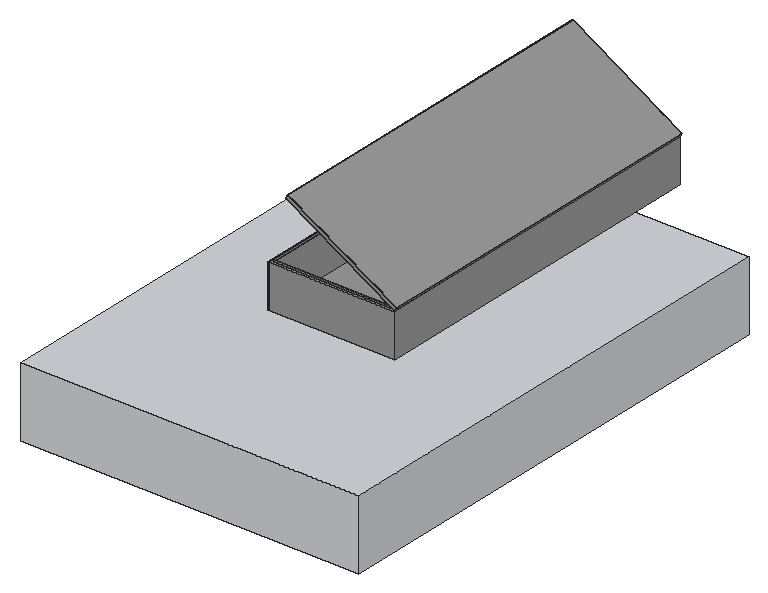
Revit family "Hager-Univers-IP54-D205-H1550-Cl.I-Encl-CH-it", category Equipement électrique, Revit 2020
Family settings
  Hôte = Face
  Configuration du panneau = Deux colonnes, circuits au sein
  Cote de connecteur circulaire = Utiliser le diamètre
  Type d'élément = Tableau de raccordement
  Couper avec des vides une fois chargée = Non
  Partagée = Non
  Point de calcul de pièce = Non
Parameters (values of type "A parete IP54 L550 A1550 P205  - FP02TW2")
  Width Control [instance] = if([EF000008 - Larghezza] > Min Width, [EF000008 - Larghezza], Min Width)  # 550 mm
  Commentaires du type = [HG000003 - Gamma]  # "Univers"
  Thickness Door [instance] = if([EF009171 - spessore materiale porta/coperchio] > 3 mm, 3 mm, [EF009171 - spessore materiale porta/coperchio])  # 1 mm
  Seal Frame Offset [instance] = 17 mm  # constant formula
  Plinth Visibility [instance] = [HG000027 - Altezza dello zoccolo] > 0 mm  # no
  Model = ""
  Min Width [instance] = 100 mm  # constant formula
  Min Height [instance] = 100 mm  # constant formula
  Min Depth [instance] = (2 * [EF009170 - spessore materiale scatola]) + 1 mm  # 3 mm
  Internal Frame Depth [instance] = (Door System Depth * 0.5)  # 9 mm
  Height Control [instance] = if([EF000040 - Altezza] > Min Height, [EF000040 - Altezza], Min Height)  # 1550 mm
  HG000027 - Altezza dello zoccolo = 0 mm
  HG000026 - A pavimento = no
  HG000024 - Altezza della sezione inferiore = 800 mm
  HG000023 - Custodia a doppia sezione = no
  HG000016 - Visibilità delle porte nella vista 3D [instance] = yes
  HG000015 - Visibilità attraverso la porta [instance] = no
  HG000014 - Porta destra [instance] = yes
  HG000013 - Porta sinistra [instance] = not([HG000014 - Porta destra])  # no
  HG000012 - Angolo di apertura della porta [instance] = 30.00°
  HG000010 - Porte asimmetriche = no
  HG000009 - Porta doppia a battente = no
  HG000006 - Ad incasso = no
  HG000004 - Codice produttore = "FP02TW2"
  HG000003 - Gamma = "Univers"
  HG000002 - Con porta = yes
  Frame Offset Bottom [instance] = 10 mm  # constant formula
  Frame Offset [instance] = 15 mm  # constant formula
  EF015940 - Coprire con rilascio di sovrapressione = no
  EF011959 - tipo di protezione (NEMA) = ""
  EF009554 - numero delle aperture per la piastra della flangia = 4
  Fabricant = "Hager"  # constant formula
  EF009212 - esecuzione coperchio = "EV000116 - chiuso"
  EF009171 - spessore materiale porta/coperchio = 1 mm
  EF009170 - spessore materiale scatola = 1 mm
  EF008873 - corrente nominale (In) = 250 A
  EF007800 - adatto per parafulmine = no
  EF006306 - con serratura = no
  EF006244 - coperchio/porta trasparente = no
  EF005474 - grado di protezione (IP) = "EV006419 - IP54"
  EF004464 - tipo di porta = "EV002646 - singolo"
  EF004427 - numero di moduli = 240
  EF004293 - resistenza agli urti = "EV006815 - IK09"
  EF003532 - adatto per uso esterno = no
  EF002950 - Numero moduli DIN = 24
  EF001613 - Integrità del circuito = "EV000494 - senza"
  EF001596 - Attacco Lampada = "EV000179 - acciaio"
  EF001131 - profondità interna = 205 mm
  EF001088 - possibilità di applicazione = yes
  EF000437 - numero di ingressi per conduttori = 4
  EF000339 - tipo di copertura = "EV001012 - coperchio"
  EF000266 - numero di file = 10
  EF000218 - profondità di incasso = 205 mm
  EF000118 - con piastra di montaggio = no
  EF000116 - numero RAL = "9010"
  EF000049 - profondità = 205 mm
  EF000040 - Altezza = 1550 mm
  EF000008 - Larghezza = 550 mm
  EF000007 - colore = "EV000202 - bianco"
  EF000003 - Tipo di montaggio = "EV000384 - A parete"
  Door System Leaf Tolerance [instance] = 1.5 mm  # constant formula
  Door System Depth [instance] = 18 mm  # constant formula
  Door Height [instance] = Height Control - [HG000027 - Altezza dello zoccolo]  # 1550 mm
  Depth Control [instance] = if([EF000049 - profondità] > Min Depth, [EF000049 - profondità], Min Depth)  # 205 mm
  Default Elevation = 0 mm
  Connector Offset [instance] = Height Control / 2  # 775 mm
  Bottom Top Plate Trim [instance] = 1.5 mm  # constant formula
  Plinth height Ctrl [instance] = if([HG000027 - Altezza dello zoccolo] > 0 mm, [HG000027 - Altezza dello zoccolo], 12 mm)  # 12 mm
Types (2, lengths in mm): name | Width Control | HG000004 - Codice produttore | EF009554 - numero delle aperture per la piastra della flangia | EF004427 - numero di moduli | EF002950 - Numero moduli DIN | EF000437 - numero di ingressi per conduttori | EF000008 - Larghezza
  A parete IP54 L300 A1550 P205  - FP01TW2 | 300 | "FP01TW2" | 2 | 120 | 12 | 2 | 300
  A parete IP54 L550 A1550 P205  - FP02TW2 | 550 | "FP02TW2" | 4 | 240 | 24 | 4 | 550
Reference planes
  plane 1 "Center (Front/Back)": y = 0
  plane 2: z = 0
  plane 3 "Center (Left/Right)": x = 0
  plane 4: z = 205
  plane 5: y = 1
  plane 6: y = 775
  plane 7: y = 0
  plane 8: y = 1550
  plane 9: z = 0
  plane 10: x = -260
  plane 11: x = 260
  plane 12: x = 259
  plane 13: x = -259
  plane 14: y = 1549
  plane 15: x = -258
  plane 16: x = -275
  plane 17: x = 258
  plane 18: x = 275
  plane 19: x = 274
  plane 20: x = -274
  plane 21: y = 11
  plane 22: y = 1550
  plane 23: y = 1534
  plane 24: z = 187
  plane 25: z = 1
  plane 26: z = 186
  plane 27: z = 204
Forms (mm)
  Extrusion 1, solid
    sketch origin (0, 0, 0) x (1, 0, 0) y (0, 1, 0)
      loop
        line (-702.964, 1305) -> (-702.964, -811.445) -> (766.763, -811.445) -> (766.763, 1305) -> (-702.964, 1305)
    from 0 to -304.8
  Extrusion 2, solid, material "Hager_Steel_RAL7035_Light_Grey", visible <- "Plinth Visibility", detail levels medium+fine
    sketch origin (0, 0, 0) x (1, 0, 0) y (0, 1, 0)
      loop
        line (-275, 0) -> (275, 0) -> (275, 12) -> (-275, 12) -> (-275, 0)
    from 0 to 187
  Extrusion 3, solid, material "Hager_Steel_RAL7035_Light_Grey", detail levels medium+fine
    sketch origin (0, 0, 0) x (1, 0, 0) y (0, 1, 0)
      loop
        line (-275, 0) -> (275, 0) -> (275, 1550) -> (-275, 1550) -> (-275, 0)
    from 0 to 187
  Extrusion 4, void
    sketch origin (0, 0, 0) x (1, 0, 0) y (0, 1, 0)
      loop
        line (-274, 1) -> (274, 1) -> (274, 1549) -> (-274, 1549) -> (-274, 1)
    from 1 to 186
  Extrusion 5, void
    sketch origin (-381.607, -4572, 187) x (0, -1, 0) y (-1, 0, 0)
      loop
        line (-4583, -122.607) -> (-6106, -122.607) -> (-6106, -640.607) -> (-4583, -640.607) -> (-4583, -122.607)
    from 0 to 1 <- "EF009170 - spessore materiale scatola"
  Extrusion 6, solid, material "Hager_Steel_RAL7035_Light_Grey", detail levels fine
    sketch origin (0, 0, 187) x (1, 0, 0) y (0, 1, 0)
      loop
        line (-259, 1534) -> (-259, 11) -> (259, 11) -> (259, 1534) -> (-259, 1534)
      loop
        line (-260, 10) -> (260, 10) -> (260, 1535) -> (-260, 1535) -> (-260, 10)
    from 0 to 9 <- "Internal Frame Depth"
  Extrusion 7, solid, material "Hager_Steel_RAL7035_Light_Grey", detail levels coarse
    sketch origin (0, 0, 0) x (1, 0, 0) y (0, 1, 0)
      loop
        line (-275, 0) -> (275, 0) -> (275, 1550) -> (-275, 1550) -> (-275, 0)
    from 0 to 205
  Sweep 8, void
    path in 3D
      loop
        line (-275, 12, 0) -> (275, 12, 0) -> (275, 12, 187) -> (-275, 12, 187) -> (-275, 12, 0)
    profile origin (-275, 12, 93.5) x (-1, 0, 0) y (0, -1, 0)
      loop
        line (0, 0) -> (0, 1.5) -> (-1.5, 1.5)
        arc (-1.5, 1.5) -> (-1.061, 0.439) -> (0, 0) r 1.5
Cuts and joins
  Extrusion 4, Extrusion 5 cuts Extrusion 3
  Sweep 8 cuts Extrusion 2
Lines and regions (mm)
  Masking region 1
    outline origin (0, 0, 0) x (1, 0, 0) y (0, 0, 1)
      loop
        line (-275, 205) -> (-275, 0) -> (275, 0) -> (275, 205) -> (-275, 205)
  Masking region 2, detail levels medium+fine
    outline origin (0, 140, 0) x (0, 1, 0) y (0, 0, 1)
      loop
        line (-140, 0) -> (1410, 0) -> (1410, 187) -> (-140, 187) -> (-140, 0)
  Masking region 3, not visible, detail levels medium+fine
    outline origin (0, 297.922, 0) x (0, 1, 0) y (0, 0, 1)
      loop
        line (488.578, 0) -> (528.578, 0) -> (528.578, 194)
        arc (528.578, 194) -> (525.649, 201.071) -> (518.578, 204) r 10
        line (518.578, 204) -> (488.578, 204) -> (488.578, 0)
  Masking region 4, detail levels coarse
    outline origin (0, 0, 180) x (0, 1, 0) y (0, 0, 1)
      loop
        line (0, -180) -> (1550, -180) -> (1550, 25) -> (0, 25) -> (0, -180)
  Masking region 5, visible <- "Plinth Visibility", detail levels medium+fine
    outline origin (0, 52.24, 12.345) x (0, 0, -1) y (0, 1, 0)
      loop
        line (10.845, -40.24) -> (-173.155, -40.24)
        arc (-173.155, -40.24) -> (-173.594, -41.301) -> (-174.655, -41.74) r 1.5
        line (-174.655, -41.74) -> (-174.655, -52.24) -> (12.345, -52.24) -> (12.345, -41.74)
        arc (12.345, -41.74) -> (11.285, -41.301) -> (10.845, -40.24) r 1.5
  Masking region 6, detail levels medium+fine
    outline origin (-381.607, -4572, 187) x (-1, 0, 0) y (0, -1, 0)
      loop
        line (-106.607, -6122) -> (-106.607, -4572) -> (-656.607, -4572) -> (-656.607, -6122) -> (-106.607, -6122)
  Masking region 7, visible <- "Plinth Visibility", detail levels medium+fine
    outline origin (-381.607, -4727, 187) x (-1, 0, 0) y (0, -1, 0)
      loop
        arc (-108.107, -4739) -> (-107.668, -4737.939) -> (-106.607, -4737.5) r 1.5
        line (-106.607, -4737.5) -> (-106.607, -4727) -> (-656.607, -4727) -> (-656.607, -4737.5)
        arc (-656.607, -4737.5) -> (-655.546, -4737.939) -> (-655.107, -4739) r 1.5
        line (-655.107, -4739) -> (-108.107, -4739)
  Masking region 8, detail levels coarse
    outline origin (-442.548, -4669.526, 187) x (-1, 0, 0) y (0, -1, 0)
      loop
        line (-167.548, -6219.526) -> (-167.548, -4669.526) -> (-717.548, -4669.526) -> (-717.548, -6219.526) -> (-167.548, -6219.526)
  sketch lines
    curve 1: line (-275, 12, 187) -> (-275, 12, 0)
    curve 2: line (275, 12, 187) -> (-275, 12, 187)
    curve 3: line (275, 12, 187) -> (275, 12, 0)
    curve 4: line (-275, 12, 0) -> (275, 12, 0)
Dimensions and locks
  "Depth Control": plane 4 to Extrusion 1
  "HG000027 - Altezza dello zoccolo": plane 1 "Center (Front/Back)" to plane 7
  "EF009170 - spessore materiale scatola": plane 5 to plane 7
  locked: connector elem to plane 3 "Center (Left/Right)"
  equal spacing: plane 8, plane 6, plane 7
  locked: connector elem to plane 6
  "EF009170 - spessore materiale scatola": plane 8 to plane 14
  "EF009170 - spessore materiale scatola": plane 10 to plane 13
  "EF009170 - spessore materiale scatola": plane 12 to plane 11
  "Frame Offset": plane 20 to plane 13
  "Frame Offset": plane 12 to plane 19
  "EF009170 - spessore materiale scatola": plane 16 to plane 20
  "EF009170 - spessore materiale scatola": plane 19 to plane 18
  "Seal Frame Offset": plane 16 to plane 15
  "Seal Frame Offset": plane 17 to plane 18
  "Frame Offset Bottom": plane 21 to plane 5
  "Frame Offset": plane 14 to plane 23
  equal spacing: plane 16, plane 3 "Center (Left/Right)", plane 18
  "Width Control": plane 16 to plane 18
  "EF009170 - spessore materiale scatola": plane 4 to plane 27
  "EF009170 - spessore materiale scatola": plane 24 to plane 26
  "EF009170 - spessore materiale scatola": plane 25 to level
  "Door System Depth": plane 4 to plane 24
  "Height Control": plane 1 "Center (Front/Back)" to Extrusion 7 sketch curve
  "Height Control": Masking region 4 sketch curve to plane 1 "Center (Front/Back)"
  "Height Control": plane 1 "Center (Front/Back)" to plane 22
  "Bottom Top Plate Trim": profile plane to Sweep 8 sketch curve
  "Bottom Top Plate Trim": Sweep 8 sketch curve to profile plane
  "Plinth height Ctrl": plane 1 "Center (Front/Back)" to Extrusion 2 sketch curve
  "Plinth height Ctrl": Masking region 5 sketch curve to plane 1 "Center (Front/Back)"
  "Plinth height Ctrl": plane 1 "Center (Front/Back)" to Masking region 7 sketch curve
  "Thickness Door": Extrusion 6 sketch curve to Extrusion 6 sketch curve  (x3)
  "Thickness Door": cut or joined group of Extrusion 3, Extrusion 4, Extrusion 5 to Extrusion 6 sketch curve
  radius of Masking region 3 sketch curve = 10 mm
  "Bottom Top Plate Trim": radius of Masking region 5 sketch curve  (x2)
  "Bottom Top Plate Trim": radius of Sweep 8 sketch curve
  "Bottom Top Plate Trim": radius of Masking region 7 sketch curve  (x2)
  aligned and locked: plane 2 to Extrusion 1
  aligned and locked: level to Extrusion 1
  aligned and locked: level to Masking region 1 sketch curve
  aligned and locked: Masking region 1 sketch curve to plane 18
  aligned and locked: Masking region 1 sketch curve to plane 16
  aligned and locked: plane 7 to Masking region 2 sketch curve
  aligned and locked: level to Masking region 3 sketch curve
  aligned and locked: Masking region 3 sketch curve to plane 27
  aligned and locked: level to Masking region 2 sketch curve
  aligned and locked: plane 1 "Center (Front/Back)" to Extrusion 2 sketch curve
  aligned and locked: Extrusion 3 sketch curve to plane 7
  aligned and locked: plane 16 to Extrusion 3 sketch curve
  aligned and locked: plane 18 to Extrusion 3 sketch curve
  aligned and locked: plane 20 to Extrusion 4 sketch curve
  aligned and locked: plane 19 to Extrusion 4 sketch curve
  aligned and locked: Extrusion 4 sketch curve to plane 5
  aligned and locked: Extrusion 4 to plane 25
  aligned and locked: plane 26 to Extrusion 4
  aligned and locked: plane 24 to Extrusion 3
  aligned and locked: Extrusion 5 sketch curve to plane 21
  aligned and locked: Extrusion 5 sketch curve to plane 13
  aligned and locked: Extrusion 5 sketch curve to plane 12
  aligned and locked: plane 18 to Extrusion 7 sketch curve
  aligned and locked: plane 1 "Center (Front/Back)" to Extrusion 7 sketch curve
  aligned and locked: plane 16 to Extrusion 7 sketch curve
  aligned and locked: plane 4 to Extrusion 7
  aligned and locked: Extrusion 7 to level
  aligned and locked: level to Masking region 4 sketch curve
  aligned and locked: Masking region 4 sketch curve to plane 1 "Center (Front/Back)"
  aligned and locked: Masking region 4 sketch curve to plane 4
  aligned and locked: nested 1 to level
  aligned and locked: nested 1 to plane 16
  aligned and locked: plane 8 to Extrusion 3 sketch curve
  aligned and locked: plane 23 to Extrusion 5 sketch curve
  aligned and locked: plane 14 to Extrusion 4 sketch curve
  aligned and locked: Masking region 2 sketch curve to plane 8
  aligned and locked: level to Masking region 5 sketch curve
  aligned and locked: plane 16 to Extrusion 2 sketch curve
  aligned and locked: plane 18 to Extrusion 2 sketch curve
  aligned and locked: Masking region 5 sketch curve to plane 24
  aligned and locked: Masking region 2 sketch curve to plane 24
  aligned and locked: plane 24 to Extrusion 2
  aligned and locked: profile plane to Sweep 8 sketch curve  (x2)
  aligned and locked: Masking region 6 sketch curve to plane 18
  aligned and locked: Masking region 6 sketch curve to plane 22
  aligned and locked: Masking region 6 sketch curve to plane 16
  aligned and locked: plane 8 to plane 22
  aligned and locked: plane 7 to Masking region 6 sketch curve
  aligned and locked: Masking region 7 sketch curve to plane 16
  aligned and locked: Masking region 7 sketch curve to plane 1 "Center (Front/Back)"
  aligned and locked: Masking region 7 sketch curve to plane 18
  aligned and locked: Masking region 8 sketch curve to plane 1 "Center (Front/Back)"
  aligned and locked: Masking region 8 sketch curve to plane 18
  aligned and locked: Masking region 8 sketch curve to plane 22
  aligned and locked: Masking region 8 sketch curve to plane 16
  aligned and locked: nested 2 to plane 7
  aligned and locked: plane 3 "Center (Left/Right)" to nested 2
  aligned and locked: nested 2 to plane 24
  aligned and locked: Extrusion 6 sketch curve to cut or joined group of Extrusion 3, Extrusion 4, Extrusion 5  (x4)
Automatic sketch dimensions
  Extrusion 1 sketch curve to Extrusion 1 sketch curve = 1469.727 mm
  Extrusion 1 sketch curve to Extrusion 1 sketch curve = 2116.445 mm
  Masking region 1 sketch curve to plane 4 = 0 mm
  plane 6 to Masking region 3 sketch curve = 11.5 mm
  Masking region 3 sketch curve to Masking region 3 sketch curve = 30 mm
  Masking region 5 sketch curve to plane 1 "Center (Front/Back)" = 0 mm
Nested families
  nested 1: "Hager_Enclosure_Symbol" at (-275, 0, 0) x (1, 0, 0) z (0, -1, 0), Height <- "Depth Control", Width <- "Width Control", type "Hager_Enclosure_Symbol"
    with Width_Ctrl 550 mm, Width 550 mm, Height_Ctrl 205 mm, Height 205 mm, A_Width_Int 13.453 mm, A_Width 161.438 mm, A_Height_Ctrl 179.375 mm, A_Height 179.375 mm
  nested 2: "EC000058_Univers_Door" at (0, 0, 187) x (1, 0, 0) z (0, 1, 0), Leaf_Tolerance <- "Door System Leaf Tolerance", Angle <- "HG000012 - Angolo di apertura della porta", Door_Depth <- "Door System Depth", Door_Left <- "HG000013 - Porta sinistra", Transparent <- "EF006244 - coperchio/porta trasparente", Assymetrical <- "HG000010 - Porte asimmetriche", Width <- "Width Control", Clearance <- "HG000015 - Visibilità attraverso la porta", Double <- "HG000009 - Porta doppia a battente", 3d_Door <- "HG000016 - Visibilità delle porte nella vista 3D", Lock_Visibility <- "EF006306 - con serratura", Width_Ctrl <- "Width Control", Door_Right <- "HG000014 - Porta destra", Door <- "HG000002 - Con porta", Height <- "Door Height", Thickness <- "Thickness Door", type "EC000058_Univers_Door", detail levels medium+fine
    with min_wh 3 mm, Width_Ctrl 550 mm, Width 550 mm, Transparent no, Thickness 1 mm, Seal_Material Hager_Rubber, Lock_Visibility no, Lock_Material Hager_Plastic_RAL9005_Jet_Black, Leaf_Width 550 mm, Leaf_Tolerance_External_Sides 0 mm, Leaf_Tolerance 1.5 mm, Leaf_Offset 0 mm, Leaf_Height 1547 mm, Leaf_2_Width 550 mm, Leaf_2_Offset 275 mm, Leaf_1_Width 550 mm, Leaf_1_Offset 275 mm, Height_Ctrl 1550 mm, Height 1550 mm, Glass_Material Hager_Glass, Double_Clearance_Ctrl no, Double no, Door_Right_Ctrl yes, Door_Right yes, Door_Material Hager_Steel_RAL7035_Light_Grey, Door_Left_Ctrl no, Door_Left no, Door_Depth 18 mm, Door yes, Clearance_Material Hager_Clearance, Clearance_Depth 550 mm, Clearance_Ctrl no, Clearance no, Assymetrical no, Angle 30.00°, 3d_Door yes
Connectors
  electrical at (0, 775, 0)
    settings: on plane 9, index 1, voltage 0 V, apparent load 0 VA, apparent load phase1 0 VA, apparent load phase2 0 VA, apparent load phase3 0 VA, power factor 1, load classification "Other", number of poles 1, system type 30, power factor state 1, is connector primary yes, connector utility no, sub classification motor no, connector description ""
Definition of nested family "EC000058_Univers_Door"
  Parameters (values of type "EC000058_Univers_Door")
    min_wh [instance] = (2 * Thickness) + 1 mm  # 11 mm
    Width_Ctrl [instance] = 400 mm
    Width [instance] = 500 mm
    Transparent [instance] = yes
    Thickness [instance] = 5 mm
    Seal_Material [instance] = none
    Lock_Visibility [instance] = yes
    Lock_Material [instance] = none
    Leaf_Width [instance] = if((Width_Ctrl - 2 * Leaf_Tolerance_External_Sides) > 0 mm, (Width_Ctrl - 2 * Leaf_Tolerance_External_Sides), min_wh)  # 400 mm
    Leaf_Tolerance_External_Sides [instance] = 0 mm  # constant formula
    Leaf_Tolerance [instance] = 1.5 mm
    Leaf_Offset [instance] = 0 mm  # constant formula
    Leaf_Height [instance] = if((Height_Ctrl - 2 * Leaf_Tolerance) > 0 mm, (Height_Ctrl - 2 * Leaf_Tolerance), min_wh)  # 497 mm
    Leaf_2_Width [instance] = if(and(and(Double, Assymetrical), Door_Left), (Leaf_Width / 3) - (Leaf_Tolerance / 2), if(and(and(Double, Assymetrical), Door_Right), (Leaf_Width / 3) * 2 - (Leaf_Tolerance / 2), if(and(Double, not(Assymetrical)), (Leaf_Width / 2) - Leaf_Tolerance, Leaf_Width)))  # 400 mm
    Leaf_2_Offset [instance] = if(and(Double, Assymetrical), Leaf_2_Width / 2, if(and(Double, not(Assymetrical)), Leaf_Width / 4, Leaf_Width / 2))  # 200 mm
    Leaf_1_Width [instance] = if(and(and(Double, Assymetrical), Door_Right), (Leaf_Width / 3) - (Leaf_Tolerance / 2), if(and(and(Double, Assymetrical), Door_Left), (Width / 3) * 2 - (Leaf_Tolerance / 2), if(and(Double, not(Assymetrical)), (Leaf_Width / 2) - Leaf_Tolerance, Leaf_Width)))  # 400 mm
    Leaf_1_Offset [instance] = if(and(Double, Assymetrical), Leaf_1_Width / 2, if(and(Double, not(Assymetrical)), Leaf_Width / 4, Leaf_Width / 2))  # 200 mm
    Height_Ctrl [instance] = if(Height > min_wh, Height, min_wh)  # 500 mm
    Height [instance] = 500 mm
    Glass_Material [instance] = none
    Double_Clearance_Ctrl [instance] = and(Double, Clearance)  # no
    Double [instance] = no
    Door_Right_Ctrl [instance] = and(or(Door_Right, Double), Door)  # yes
    Door_Right [instance] = yes
    Door_Material [instance] = none
    Door_Left_Ctrl [instance] = and(or(Door_Left, Double), Door)  # no
    Door_Left [instance] = no
    Door_Depth [instance] = 30 mm
    Door [instance] = yes
    Default Elevation = 1219.2 mm
    Clearance_Material [instance] = none
    Clearance_Depth [instance] = if(Leaf_1_Width > Leaf_2_Width, Leaf_1_Width, Leaf_2_Width)  # 400 mm
    Clearance_Ctrl [instance] = and(not(Double), Clearance)  # yes
    Clearance [instance] = yes
    Assymetrical [instance] = yes
    Angle [instance] = 30.00°
    3d_Door [instance] = yes
  Reference planes
    plane 1 "Center (Front/Back)": y = 0
    plane 2 "Bottom": z = 0
    plane 3 "Center (Left/Right)": x = 0
    plane 4: z = 500
    plane 5: x = -200
    plane 6: x = 200
    plane 7: z = 500
    plane 8: x = -200
    plane 9: z = 0
    plane 10: x = 200
    plane 11: y = 0
    plane 12: z = 1.5
    plane 13: x = -600
    plane 14: y = -400
    plane 15: x = 600
    plane 16: x = 0
    plane 17: x = 0
    plane 18: x = -200
    plane 19: x = 200
    plane 20: z = 498.5
  Forms (mm)
    Extrusion 1, solid, material <- "Clearance_Material", visible <- "Double_Clearance_Ctrl"
      sketch origin (1200, 0, 0) x (1, 0, 0) y (0, 0, -1)
        loop
          line (-1800, -498.5) -> (-600, -498.5) -> (-600, 0) -> (-1800, 0) -> (-1800, -498.5)
      from 0 to -400
  Dimensions and locks
    equal spacing: plane 5, plane 3 "Center (Left/Right)", plane 6
    "Width_Ctrl": plane 5 to plane 6
    "Leaf_Offset": plane 5 to plane 8
    "Leaf_Offset": plane 6 to plane 10
    "Leaf_Offset": plane 9 to level
    "Leaf_Offset": plane 4 to plane 7
    "Height_Ctrl": plane 4 to level
    "Leaf_Tolerance": plane 12 to plane 9
    locked: plane 11 to plane 1 "Center (Front/Back)"
    "Leaf_1_Offset": plane 18 to plane 16
    "Leaf_2_Offset": plane 17 to plane 19
    "Leaf_1_Width": plane 13 to plane 8
    "Leaf_2_Width": plane 10 to plane 15
    "Clearance_Depth": plane 14 to plane 1 "Center (Front/Back)"
    "Leaf_Tolerance_External_Sides": plane 8 to plane 18
    "Leaf_Tolerance_External_Sides": plane 19 to plane 10
    "Leaf_Tolerance": plane 7 to plane 20
    aligned and locked: level to plane 2 "Bottom"
    aligned and locked: nested 1 to plane 16
    aligned and locked: nested 2 to plane 17
    aligned and locked: Extrusion 1 to plane 13
    aligned and locked: plane 15 to Extrusion 1
    aligned and locked: Extrusion 1 to plane 14
    aligned and locked: plane 12 to nested 1
    aligned and locked: nested 2 to plane 12
    aligned and locked: Extrusion 1 to plane 11
    aligned and locked: plane 20 to Extrusion 1
    aligned and locked: nested 2 to plane 11
    aligned and locked: nested 1 to plane 11
  Automatic sketch dimensions
    Extrusion 1 sketch curve to level = 0 mm
    plane 5 to Extrusion 1 sketch curve = 400 mm
    plane 6 to Extrusion 1 sketch curve = 400 mm
    Extrusion 1 sketch curve to plane 4 = 1.5 mm
  Nested families
    nested 1: "EC000058_Univers_Door_Leaf" at (0, 0, 1.5), Width <- "Leaf_1_Width", visible <- "Door_Left_Ctrl", Leaf_Height <- "Leaf_Height", Angle <- "Angle", 3d_Door <- "3d_Door", Transparent <- "Transparent", Clearance Material <- "Clearance_Material", Clearance <- "Clearance_Ctrl", Door_Material <- "Door_Material", Glass_Material <- "Glass_Material", Door_Depth <- "Door_Depth", Lock_Material <- "Lock_Material", Seal_Material <- "Seal_Material", Lock_Visibility <- "Lock_Visibility", Thickness <- "Thickness", type "EC000058_Univers_Door_Leaf"
      with Width 400 mm, Transparent_Glass_Offset 30 mm, Transparent_Ctrl yes, Transparent yes, Thickness 5 mm, Standard no, Seal_Material none, Seal_D2 8 mm, Seal_D1 1 mm, Offset_Internal_Frame 10 mm, Lock_Width 20 mm, Lock_Visibility_3d yes, Lock_Visibility yes, Lock_Thickness_3 3 mm, Lock_Thickness_2 1 mm, Lock_Thickness_1 3 mm, Lock_Radius_Offset_2 16 mm, Lock_Radius_Offset_1 15 mm, Lock_Radius_2 5 mm, Lock_Radius 6 mm, Lock_Offset 5 mm, Lock_Material none, Lock_Height 80 mm, Lock_Cover_Top_Offset_2d 17 mm, Lock_Cover_Height -65 mm, Leaf_Height 497 mm, Internal_Seal_Thickness 8 mm, Internal_Seal_Depth_2 4.5 mm, Internal_Frame_Depth 25 mm, Glass_Thickness -1 mm, Glass_Offset -2 mm, Glass_Material none, Door_Material none, Door_Depth 30 mm, Clearance Material none, Clearance yes, Angle_Ctrl 30.00°, Angle 30.00°, 3d_Door yes
    nested 2: "EC000058_Univers_Door_Leaf" at (0, 0, 1.5) x (-1, 0, 0) z (0, 0, 1), Width <- "Leaf_2_Width", visible <- "Door_Right_Ctrl", Leaf_Height <- "Leaf_Height", Angle <- "Angle", 3d_Door <- "3d_Door", Transparent <- "Transparent", Clearance Material <- "Clearance_Material", Clearance <- "Clearance_Ctrl", Door_Material <- "Door_Material", Glass_Material <- "Glass_Material", Door_Depth <- "Door_Depth", Lock_Material <- "Lock_Material", Seal_Material <- "Seal_Material", Lock_Visibility <- "Lock_Visibility", Thickness <- "Thickness", type "EC000058_Univers_Door_Leaf"
      with Width 400 mm, Transparent_Glass_Offset 30 mm, Transparent_Ctrl yes, Transparent yes, Thickness 5 mm, Standard no, Seal_Material none, Seal_D2 8 mm, Seal_D1 1 mm, Offset_Internal_Frame 10 mm, Lock_Width 20 mm, Lock_Visibility_3d yes, Lock_Visibility yes, Lock_Thickness_3 3 mm, Lock_Thickness_2 1 mm, Lock_Thickness_1 3 mm, Lock_Radius_Offset_2 16 mm, Lock_Radius_Offset_1 15 mm, Lock_Radius_2 5 mm, Lock_Radius 6 mm, Lock_Offset 5 mm, Lock_Material none, Lock_Height 80 mm, Lock_Cover_Top_Offset_2d 17 mm, Lock_Cover_Height -65 mm, Leaf_Height 497 mm, Internal_Seal_Thickness 8 mm, Internal_Seal_Depth_2 4.5 mm, Internal_Frame_Depth 25 mm, Glass_Thickness -1 mm, Glass_Offset -2 mm, Glass_Material none, Door_Material none, Door_Depth 30 mm, Clearance Material none, Clearance yes, Angle_Ctrl 30.00°, Angle 30.00°, 3d_Door yes
  Definition of nested family "EC000058_Univers_Door_Leaf"
    Parameters (values of type "EC000058_Univers_Door_Leaf")
      Width [instance] = 2000 mm
      Transparent_Glass_Offset [instance] = 30 mm
      Transparent_Ctrl [instance] = and(Transparent, [3d_Door])  # yes
      Transparent [instance] = yes
      Thickness [instance] = 5 mm
      Standard [instance] = and(not(Transparent), [3d_Door])  # no
      Seal_Material [instance] = none
      Seal_D2 [instance] = 8 mm  # constant formula
      Seal_D1 [instance] = 1 mm  # constant formula
      Offset_Internal_Frame [instance] = 10 mm  # constant formula
      Lock_Width [instance] = 20 mm  # constant formula
      Lock_Visibility_3d [instance] = and(Lock_Visibility, [3d_Door])  # yes
      Lock_Visibility [instance] = yes
      Lock_Thickness_3 [instance] = 3 mm  # constant formula
      Lock_Thickness_2 [instance] = 1 mm  # constant formula
      Lock_Thickness_1 [instance] = 3 mm  # constant formula
      Lock_Radius_Offset_2 [instance] = Lock_Radius_Offset_1 + 1 mm  # 16 mm
      Lock_Radius_Offset_1 [instance] = 15 mm  # constant formula
      Lock_Radius_2 [instance] = Lock_Radius - 1 mm  # 5 mm
      Lock_Radius [instance] = 6 mm  # constant formula
      Lock_Offset [instance] = 5 mm  # constant formula
      Lock_Material [instance] = none
      Lock_Height [instance] = 80 mm  # constant formula
      Lock_Cover_Top_Offset_2d [instance] = Lock_Radius_Offset_2 + 1 mm  # 17 mm
      Lock_Cover_Height [instance] = -(Lock_Height - Lock_Radius_Offset_1)  # -65 mm
      Leaf_Height [instance] = 2720.336 mm
      Internal_Seal_Thickness [instance] = 8 mm  # constant formula
      Internal_Seal_Depth_2 [instance] = 4.5 mm  # constant formula
      Internal_Frame_Depth [instance] = if(Door_Depth - Thickness > 5 mm, Door_Depth - Thickness, 5 mm)  # 25 mm
      Glass_Thickness [instance] = if(Thickness > 15 mm, Glass_Offset + 10 mm, -1 mm)  # -1 mm
      Glass_Offset [instance] = if(Thickness > 15 mm, -(Thickness + 10 mm) / 2, -2 mm)  # -2 mm
      Glass_Material [instance] = none
      Door_Material [instance] = none
      Door_Depth [instance] = 30 mm
      Default Elevation = 0 mm
      Clearance Material [instance] = none
      Clearance [instance] = yes
      Angle_Ctrl [instance] = if(Angle > 180.00°, 180.00°, Angle)  # 90.00°
      Angle [instance] = 90.00°
      3d_Door [instance] = yes
    Reference planes
      plane 1 "Center (Front/Back)": y = 0
      plane 2: z = 0
      plane 3 "Center (Left/Right)": x = 0
      plane 4: y = 2000
      plane 5: x = -1000
      plane 6: x = 1000
      plane 7: x = -3000
      plane 8: z = 2720.336
      plane 9: z = 30
      plane 10: z = 2690.336
      plane 11: x = 970
      plane 12: x = -970
      plane 13: y = -3
      plane 14: z = 107.833
      plane 15: y = -5
      plane 16: y = -223.314
      plane 17: x = -1000
      plane 18: z = 1360.168
      plane 19: y = 30
    Forms (mm)
      Extrusion 1, solid, material <- "Clearance Material", visible <- "Clearance"
        sketch origin (0, 0, 0) x (1, 0, 0) y (0, 0, 1)
          loop
            line (-3000, 2720.336) -> (-3000, 0) -> (1000, 0) -> (1000, 2720.336) -> (-3000, 2720.336)
        from 0 to -2000
      Extrusion 2, solid, material <- "Door_Material", visible <- "Standard", detail levels medium+fine
        sketch origin (-1000, 0, 0) x (0, 1, 0) y (-1, 0, 0)
          loop
            line (0, 30) -> (0, 25) -> (2000, 25) -> (2000, 30) -> (0, 30)
        from 0 to 2720.336 <- "Leaf_Height"
      Extrusion 3, solid, material <- "Door_Material", visible <- "Transparent_Ctrl", detail levels medium+fine
        sketch origin (-1000, 0, 0) x (0, 1, 0) y (-1, 0, 0)
          loop
            line (0, 25) -> (2000, 25) -> (2000, 30) -> (0, 30) -> (0, 25)
        from 0 to 2720.336 <- "Leaf_Height"
      Extrusion 4, void
        sketch origin (-1025, 2000, 0) x (0, 1, 0) y (0, 0, -1)
          loop
            line (-30, -2690.336) -> (-30, -30) -> (-1970, -30) -> (-1970, -2690.336) -> (-30, -2690.336)
        from 0 to 5 <- "Thickness"
      Sweep 5, solid, material <- "Seal_Material", visible <- "Transparent_Ctrl", detail levels fine
        path in 3D
          loop
            line (-1025, 30, 30) -> (-1025, 30, 2690.336) -> (-1025, 1970, 2690.336) -> (-1025, 1970, 30) -> (-1025, 30, 30)
        profile origin (-1025, 1000, 30) x (1, 0, 0) y (0, 0, 1)
          loop
            line (0, 0) -> (0, -8) -> (1, -8) -> (1, 0) -> (0, 0)
      Extrusion 6, solid, material <- "Glass_Material", visible <- "Transparent_Ctrl", detail levels medium+fine
        sketch origin (-1030, 0, 0) x (0, 1, 0) y (0, 0, -1)
          loop
            line (1970, -2690.336) -> (1970, -30) -> (30, -30) -> (30, -2690.336) -> (1970, -2690.336)
        from -2 <- "Glass_Offset" to -1 <- "Glass_Thickness"
      Extrusion 7, solid, material <- "Door_Material", visible <- "3d_Door", detail levels medium+fine
        sketch origin (-1025, 2000, 0) x (0, -1, 0) y (0, 0, -1)
          loop
            line (0, -2720.336) -> (2000, -2720.336) -> (2000, 0) -> (0, 0) -> (0, -2720.336)
          loop
            line (1995, -5) -> (5, -5) -> (5, -2715.336) -> (1995, -2715.336) -> (1995, -5)
        from 0 to 25 <- "Internal_Frame_Depth"
      Sweep 8, solid, material <- "Seal_Material", visible <- "Transparent_Ctrl", detail levels fine
        path in 3D
          loop
            line (-1025, 0, 0) -> (-1025, 2000, 0) -> (-1025, 2000, 2720.336) -> (-1025, 0, 2720.336) -> (-1025, 0, 0)
        profile origin (-1025, 0, 1360.168) x (1, 0, 0) y (0, 1, 0)
          loop
            line (0, 10) -> (2.975, 10)
            arc (2.975, 10) -> (4.053, 10.447) -> (4.5, 11.525) r 1.525
            line (4.5, 11.525) -> (4.5, 16.527)
            arc (4.5, 16.527) -> (4.069, 17.569) -> (3.027, 18) r 1.473
            line (3.027, 18) -> (0, 18) -> (0, 10)
      Extrusion 9, solid, material <- "Lock_Material", visible <- "Lock_Visibility_3d", detail levels fine
        sketch origin (-1030, 0, 0) x (0, 1, 0) y (0, 0, -1)
          loop
            arc (1993.5, -1400.168) -> (1994.561, -1399.729) -> (1995, -1398.668) r 1.5
            line (1995, -1398.668) -> (1995, -1320.168) -> (1975, -1320.168) -> (1975, -1398.668)
            arc (1975, -1398.668) -> (1975.439, -1399.729) -> (1976.5, -1400.168) r 1.5
            line (1976.5, -1400.168) -> (1993.5, -1400.168)
        from 3 <- "Lock_Thickness_1" to 0
      Blend 10, solid, material <- "Lock_Material", visible <- "Lock_Visibility_3d", detail levels fine
        base sketch origin (-1033, 0, 0) x (0, 1, 0) y (0, 0, -1)
          loop
            line (1975, -1320.168) -> (1975, -1398.668)
            arc (1975, -1398.668) -> (1975.439, -1399.729) -> (1976.5, -1400.168) r 1.5
            line (1976.5, -1400.168) -> (1993.5, -1400.168)
            arc (1993.5, -1400.168) -> (1994.561, -1399.729) -> (1995, -1398.668) r 1.5
            line (1995, -1398.668) -> (1995, -1320.168) -> (1975, -1320.168)
        top sketch origin (-1033, 0, 0) x (0, 1, 0) y (0, 0, -1)
          loop
            line (1976, -1320.168) -> (1976, -1398.668)
            arc (1976, -1398.668) -> (1976.146, -1399.022) -> (1976.5, -1399.168) r 0.5
            line (1976.5, -1399.168) -> (1993.5, -1399.168)
            arc (1993.5, -1399.168) -> (1993.854, -1399.022) -> (1994, -1398.668) r 0.5
            line (1994, -1398.668) -> (1994, -1320.168) -> (1976, -1320.168)
        from 0 to 1 <- "Lock_Thickness_2"
      Blend 11, solid, material <- "Lock_Material", visible <- "Lock_Visibility_3d", detail levels fine
        base sketch origin (-1034, 0, 0) x (0, 1, 0) y (0, 0, -1)
          loop
            line (1978, -1320.168) -> (1978, -1384.168)
            arc (1978, -1384.168) -> (1985, -1391.168) -> (1992, -1384.168) r 7
            line (1992, -1384.168) -> (1992, -1320.168) -> (1978, -1320.168)
        top sketch origin (-1034, 0, 0) x (0, 1, 0) y (0, 0, -1)
          loop
            line (1991, -1320.168) -> (1979, -1320.168) -> (1979, -1383.168)
            arc (1979, -1383.168) -> (1985, -1389.168) -> (1991, -1383.168) r 6
            line (1991, -1383.168) -> (1991, -1320.168)
        from 0 to 3 <- "Lock_Thickness_3"
      Extrusion 12, solid, material <- "Lock_Material", visible <- "Lock_Visibility_3d", detail levels fine
        sketch origin (-1030, 1975, 1320.168) x (1, 0, 0) y (0, -1, 0)
          loop
            line (-7, -19) -> (-7, -1) -> (0, -1) -> (0, 0) -> (-8, 0) -> (-8, -20) -> (0, -20) -> (0, -19) -> (-7, -19)
        from 0 to -65 <- "Lock_Cover_Height"
      Extrusion 13, void
        sketch origin (-1038, 1995, 1320.168) x (-1, 0, 0) y (0, 0, -1)
          loop
            line (-5, -65) -> (0, -65) -> (-5, -60) -> (-5, -65)
        from 0 to 20 <- "Lock_Width"
      Extrusion 14, void
        sketch origin (-1038, 1975, 1320.168) x (0, -1, 0) y (0, 0, -1)
          loop
            circle (-10, -15.995) r 6
          loop
            circle (-10, -15.995) r 5
        from 0 to 2
      Extrusion 15, solid, material <- "Lock_Material", visible <- "Lock_Visibility_3d", detail levels medium
        sketch origin (-1030, 0, 0) x (0, 1, 0) y (0, 0, -1)
          loop
            arc (1993.5, -1400.168) -> (1994.561, -1399.729) -> (1995, -1398.668) r 1.5
            line (1995, -1398.668) -> (1995, -1320.168) -> (1975, -1320.168) -> (1975, -1398.668)
            arc (1975, -1398.668) -> (1975.439, -1399.729) -> (1976.5, -1400.168) r 1.5
            line (1976.5, -1400.168) -> (1993.5, -1400.168)
        from 8 to 0
    Cuts and joins
      Extrusion 4 cuts Extrusion 3
      Extrusion 13, Extrusion 14 cuts Extrusion 9
      Extrusion 14 cuts Blend 11
      Extrusion 13, Extrusion 14 cuts Extrusion 12
      joined: Extrusion 9, Blend 10, Blend 11, Extrusion 12
      Extrusion 14 cuts Extrusion 15
    Lines and regions (mm)
      Masking region 1, visible <- "Lock_Visibility", detail levels fine
        outline origin (0, 0, 0) x (0, 1, 0) y (0, 0, 1)
          loop
            line (30, 1320.168) -> (33, 1320.168) -> (33, 1400.168) -> (30, 1400.168) -> (30, 1320.168)
      Masking region 2, visible <- "Lock_Visibility", detail levels fine
        outline origin (0, 3.143, 0) x (0, 1, 0) y (0, 0, 1)
          loop
            line (29.857, 1354.168) -> (30.857, 1354.168) -> (30.857, 1366.168) -> (29.857, 1366.168) -> (29.857, 1354.168)
      Masking region 3, detail levels medium+fine
        outline origin (0, 0, 0) x (0, 1, 0) y (0, 0, 1)
          loop
            line (0, 0) -> (30, 0) -> (30, 2720.336) -> (0, 2720.336) -> (0, 0)
      Masking region 4, detail levels medium+fine
        outline origin (0, 0, 0) x (1, 0, 0) y (0, 0, 1)
          loop
            line (-1000, 2720.336) -> (-1000, 0) -> (1000, 0) -> (1000, 2720.336) -> (-1000, 2720.336)
      Masking region 5, visible <- "Lock_Visibility", detail levels fine
        outline origin (-47.116, 0, 0) x (1, 0, 0) y (0, 0, 1)
          loop
            arc (1024.616, 1399.168) -> (1023.556, 1398.729) -> (1023.116, 1397.668) r 1.5
            line (1023.116, 1397.668) -> (1023.116, 1320.168) -> (1041.116, 1320.168) -> (1041.116, 1397.668)
            arc (1041.116, 1397.668) -> (1040.677, 1398.729) -> (1039.616, 1399.168) r 1.5
            line (1039.616, 1399.168) -> (1024.616, 1399.168)
      Masking region 6, visible <- "Lock_Visibility", detail levels medium+fine
        outline origin (-25, 0, 0) x (1, 0, 0) y (0, 0, 1)
          loop
            arc (1001.5, 1400.168) -> (1000.439, 1399.729) -> (1000, 1398.668) r 1.5
            line (1000, 1398.668) -> (1000, 1320.168) -> (1020, 1320.168) -> (1020, 1398.668)
            arc (1020, 1398.668) -> (1019.561, 1399.729) -> (1018.5, 1400.168) r 1.5
            line (1018.5, 1400.168) -> (1001.5, 1400.168)
      Masking region 7, visible <- "Lock_Visibility", detail levels fine
        outline origin (-73.735, 0, 0) x (1, 0, 0) y (0, 0, 1)
          loop
            line (1051.735, 1382.168) -> (1065.735, 1382.168) -> (1065.735, 1384.168)
            arc (1065.735, 1384.168) -> (1058.735, 1391.168) -> (1051.735, 1384.168) r 7
            line (1051.735, 1384.168) -> (1051.735, 1382.168)
      Masking region 8, visible <- "Lock_Visibility", detail levels fine
        outline origin (-73.735, 0, 0) x (1, 0, 0) y (0, 0, 1)
          loop
            line (1052.735, 1382.168) -> (1064.735, 1382.168) -> (1064.735, 1383.168)
            arc (1064.735, 1383.168) -> (1058.735, 1389.168) -> (1052.735, 1383.168) r 6
            line (1052.735, 1383.168) -> (1052.735, 1382.168)
      Masking region 9, visible <- "Lock_Visibility", detail levels fine
        outline origin (-25, 0, 0) x (1, 0, 0) y (0, 0, 1)
          loop
            line (1020, 1320.168) -> (1020, 1382.168) -> (1000, 1382.168) -> (1000, 1320.168) -> (1020, 1320.168)
      Masking region 10, detail levels medium+fine
        outline origin (0, 0, 0) x (1, 0, 0) y (0, 0, 1)
          loop
            circle (985, 1335.144) r 6
      Masking region 11, detail levels fine
        outline origin (0, 0, 0) x (1, 0, 0) y (0, 0, 1)
          loop
            circle (985, 1335.144) r 5
      Masking region 12, visible <- "Lock_Visibility", detail levels fine
        outline origin (0, 12.767, 0) x (0, 1, 0) y (0, 0, 1)
          loop
            line (20.233, 1320.168) -> (21.233, 1320.168) -> (21.233, 1399.168) -> (20.233, 1400.168) -> (20.233, 1320.168)
      Masking region 13, visible <- "Lock_Visibility", detail levels fine
        outline origin (0, 13.767, -10) x (0, 1, 0) y (0, 0, 1)
          loop
            line (20.233, 1330.168) -> (23.233, 1330.168) -> (23.233, 1399.168) -> (20.233, 1402.168) -> (20.233, 1330.168)
      Masking region 14, visible <- "Lock_Visibility", detail levels fine
        outline origin (0, 12.767, -10) x (0, 1, 0) y (0, 0, 1)
          loop
            line (20.233, 1330.168) -> (25.233, 1330.168) -> (25.233, 1399.305) -> (20.233, 1394.305) -> (20.233, 1330.168)
      Masking region 15, visible <- "Lock_Visibility", detail levels medium
        outline origin (0, 0, 0) x (0, 1, 0) y (0, 0, 1)
          loop
            line (30, 1320.168) -> (38, 1320.168) -> (38, 1400.168) -> (30, 1400.168) -> (30, 1320.168)
      Masking region 16, visible <- "Lock_Visibility", detail levels fine
        outline origin (-1000, 0, 0) x (0, 1, 0) y (-1, 0, 0)
          loop
            line (1975, 30) -> (1995, 30) -> (1995, 38) -> (1975, 38) -> (1975, 30)
          loop
            line (1979, 37) -> (1976, 37) -> (1976, 34) -> (1978, 34) -> (1979, 37)
          loop
            line (1994, 37) -> (1991, 37) -> (1992, 34) -> (1994, 34) -> (1994, 37)
      Masking region 17, visible <- "Lock_Visibility", detail levels medium
        outline origin (-1000, 0, 0) x (0, 1, 0) y (-1, 0, 0)
          loop
            line (1975, 30) -> (1995, 30) -> (1995, 38) -> (1975, 38) -> (1975, 30)
      symbolic lines
        curve 1: line (1000, 0, 0) -> (-3000, 0, 0)
        curve 2: arc (1000, 0, 0) -> (-1000, 2000, 0) -> (-3000, 0, 0) r 2000
        curve 4: line (-1030, 0, 0) -> (-1030, 2000, 0)
      reference lines
        curve 3: line (-1000, 0, 0) -> (-1000, 2000, 0)
      symbolic lines, detail levels medium+fine
        curve 5: line (-1030, 2000, 0) -> (-1025, 2000, 0)
        curve 7: line (-1025, 0, 0) -> (-1030, 0, 0)
        curve 8: line (-1025, 0, 0) -> (-1000, 0, 0)
        curve 9: line (-1000, 0, 0) -> (-1000, 2000, 0)
        curve 10: line (-1000, 2000, 0) -> (-1025, 2000, 0)
      symbolic lines, detail levels fine
        curve 6: line (-1025, 2000, 0) -> (-1025, 0, 0)
      sketch lines
        curve 11: line (-1025, 0, 2720.336) -> (-1025, 0, 0)
        curve 12: line (-1025, 2000, 0) -> (-1025, 0, 0)
        curve 13: line (-1025, 2000, 2720.336) -> (-1025, 2000, 0)
        curve 14: line (-1025, 0, 2720.336) -> (-1025, 2000, 2720.336)
        curve 15: line (-1025, 1970, 30) -> (-1025, 30, 30)
        curve 16: line (-1025, 30, 30) -> (-1025, 30, 2690.336)
        curve 17: line (-1025, 1970, 2690.336) -> (-1025, 1970, 30)
        curve 18: line (-1025, 30, 2690.336) -> (-1025, 1970, 2690.336)
      symbolic lines, visible <- "Transparent", detail levels medium+fine
        curve 19: line (-970, 0, 2690.336) -> (970, 0, 2690.336)
        curve 20: line (-970, 0, 30) -> (-970, 0, 2690.336)
        curve 21: line (970, 0, 30) -> (-970, 0, 30)
        curve 22: line (970, 0, 2690.336) -> (970, 0, 30)
    Dimensions and locks
      "Width": plane 1 "Center (Front/Back)" to plane 4
      equal spacing: plane 5, plane 3 "Center (Left/Right)", plane 6
      "Width": plane 5 to plane 6
      "Width": plane 7 to plane 5
      "Leaf_Height": plane 8 to level
      "Width": curve 5 to curve 3
      "Width": curve 3 to curve 3
      plane 8 to plane 10 = 30 mm
      plane 9 to level = 30 mm
      plane 12 to plane 5 = 30 mm
      plane 6 to plane 11 = 30 mm
      Extrusion 1 to Extrusion 4 sketch curve = 30 mm
      "Transparent_Glass_Offset": curve 3 to Extrusion 4 sketch curve
      "Transparent_Glass_Offset": Extrusion 4 sketch curve to cut or joined group of Extrusion 3, Extrusion 4  (x2)
      cut or joined group of Extrusion 3, Extrusion 4 to Extrusion 6 sketch curve = 30 mm
      "Transparent_Glass_Offset": cut or joined group of Extrusion 3, Extrusion 4 to Extrusion 4 sketch curve
      "Thickness": curve 6 to curve 4
      "Thickness": Extrusion 7 sketch curve to Extrusion 7 sketch curve  (x4)
      "Door_Depth": curve 4 to curve 3
      "Offset_Internal_Frame": profile plane to Sweep 8 sketch curve
      "Internal_Seal_Thickness": Sweep 8 sketch curve to Sweep 8 sketch curve
      "Internal_Seal_Depth_2": profile plane to Sweep 8 sketch curve
      "Seal_D1": profile plane to Sweep 5 sketch curve
      "Seal_D2": profile plane to Sweep 5 sketch curve
      "Thickness": Extrusion 2 sketch curve to Extrusion 2 sketch curve
      equal spacing: Extrusion 9 sketch curve, plane 18, Extrusion 9 sketch curve  (x2)
      equal spacing: Masking region 1 sketch curve, plane 18, Masking region 1 sketch curve
      "Lock_Height": Masking region 1 sketch curve to Masking region 1 sketch curve
      "Lock_Radius": Masking region 2 sketch curve to plane 18 to Masking region 2 sketch curve
      Masking region 2 sketch curve to Masking region 1 = 1 mm
      "Door_Depth": plane 19 to plane 1 "Center (Front/Back)"
      "Lock_Thickness_1": Masking region 1 sketch curve to plane 19
      "Lock_Width": Extrusion 9 sketch curve to Extrusion 9 sketch curve
      "Lock_Height": Extrusion 9 sketch curve to Extrusion 9 sketch curve
      "Lock_Offset": cut or joined group of Extrusion 3, Extrusion 4 to Extrusion 9 sketch curve
      equal spacing: plane 8, plane 18, level
      "Lock_Radius_Offset_1": Blend 11 sketch curve to Blend 10
      locked: Blend 10 to Blend 11 sketch curve at 2  (x2)
      locked: var sketch to Blend 11 sketch curve at 1  (x2)
      "Lock_Radius_Offset_2": Blend 11 sketch curve to Blend 10
      locked: Extrusion 12 sketch curve to Extrusion 12 sketch curve at 1  (x3)
      Masking region 6 sketch curve to Masking region 6 sketch curve = 80 mm
      "Lock_Height": Masking region 6 sketch curve to Masking region 6 sketch curve
      "Lock_Width": Masking region 6 sketch curve to Masking region 6 sketch curve
      locked: Masking region 6 to Masking region 5 sketch curve at 1  (x3)
      locked: Masking region 5 to Masking region 7 sketch curve at 2  (x2)
      "Lock_Radius_Offset_1": Masking region 5 to Masking region 7 sketch curve
      "Lock_Radius_Offset_2": Masking region 5 to Masking region 8 sketch curve
      locked: Masking region 7 to Masking region 8 sketch curve at 1  (x2)
      "Lock_Cover_Top_Offset_2d": Masking region 5 to Masking region 9 sketch curve
      equal spacing: Masking region 9, Masking region 10 sketch curve, Masking region 9
      equal spacing: Masking region 9, Masking region 11 sketch curve, Masking region 9
      Extrusion 15 sketch curve to Extrusion 15 sketch curve = 80 mm
      "Lock_Width": Extrusion 15 sketch curve to Extrusion 15 sketch curve
      "Lock_Height": Extrusion 15 sketch curve to Extrusion 15 sketch curve
      equal spacing: Extrusion 15 sketch curve, plane 18, Extrusion 15 sketch curve
      "Lock_Thickness_3": Masking region 13 sketch curve to Masking region 13 sketch curve
      "Lock_Height": Masking region 12 sketch curve to Masking region 12 sketch curve
      locked: Masking region 13 sketch curve to Masking region 1 at 8
      locked: Masking region 14 sketch curve to Masking region 13 at 1
      locked: Masking region 14 sketch curve to Masking region 1 at 10.863
      "Lock_Height": Masking region 15 sketch curve to Masking region 15 sketch curve
      "Lock_Offset": Extrusion 15 sketch curve to cut or joined group of Extrusion 3, Extrusion 4
      "Lock_Offset": plane 6 to Masking region 6 sketch curve
      radius of Sweep 8 sketch curve = 1.525 mm
      radius of Sweep 8 sketch curve = 1.473 mm
      radius of Extrusion 9 sketch curve = 1.5 mm  (x2)
      "Lock_Radius": radius of Extrusion 14 sketch curve
      "Lock_Radius_2": radius of Extrusion 14 sketch curve
      "Lock_Radius": radius of Masking region 10 sketch curve
      "Lock_Radius_2": radius of Masking region 11 sketch curve
      radius of Extrusion 15 sketch curve = 1.5 mm  (x2)
      "Angle_Ctrl": angle plane 1 "Center (Front/Back)" to curve 3
      locked: Masking region 12 sketch curve to Masking region 12 sketch curve (angle 45.00°)
      locked: Masking region 13 sketch curve to Masking region 13 sketch curve (angle 45.00°)
      locked: Masking region 14 sketch curve to Masking region 14 sketch curve (angle 45.00°)
      aligned and locked: level to plane 2
      aligned and locked: Extrusion 1 to curve 1
      aligned and locked: plane 6 to Extrusion 1
      aligned and locked: Extrusion 1 to plane 1 "Center (Front/Back)"
      aligned and locked: plane 4 to Extrusion 1
      aligned and locked: plane 8 to Extrusion 1
      aligned and locked: curve 7 to Extrusion 2 sketch curve
      aligned and locked: curve 5 to Extrusion 2 sketch curve
      aligned and locked: curve 7 to Extrusion 3 sketch curve
      aligned and locked: Extrusion 3 sketch curve to curve 4
      aligned and locked: Extrusion 3 sketch curve to curve 6
      aligned and locked: Extrusion 3 sketch curve to curve 5
      aligned and locked: curve 9 to curve 3
      aligned and locked: Extrusion 7 sketch curve to cut or joined group of Extrusion 3, Extrusion 4  (x4)
      aligned and locked: plane 17 to curve 3
      aligned and locked: plane 1 "Center (Front/Back)" to curve 3
      aligned and locked: plane 17 to plane 5
      aligned and locked: Sweep 8 sketch curve to profile plane
      aligned and locked: Sweep 5 sketch curve to profile plane  (x2)
      aligned and locked: Masking region 1 to Masking region 2 sketch curve
      aligned and locked: plane 19 to Masking region 1 sketch curve
      aligned and locked: plane 1 "Center (Front/Back)" to Masking region 3 sketch curve
      aligned and locked: plane 19 to Masking region 3 sketch curve
      aligned and locked: level to Masking region 3 sketch curve
      aligned and locked: Masking region 3 sketch curve to plane 8
      aligned and locked: plane 17 to Masking region 4 sketch curve
      aligned and locked: level to Masking region 4 sketch curve
      aligned and locked: Masking region 4 sketch curve to plane 8
      aligned and locked: plane 12 to curve 20
      aligned and locked: plane 10 to curve 19
      aligned and locked: plane 11 to curve 22
      aligned and locked: curve 21 to plane 9
      aligned and locked: Extrusion 2 sketch curve to cut or joined group of Extrusion 3, Extrusion 4
      aligned and locked: Blend 10 sketch curve to Extrusion 9  (x4)
      aligned and locked: Extrusion 9 to Blend 10 sketch curve
      aligned and locked: Blend 10 to Blend 11 sketch curve
      aligned and locked: Extrusion 12 sketch curve to Blend 11
      aligned and locked: Extrusion 12 sketch curve to Extrusion 9  (x4)
      aligned and locked: Masking region 5 sketch curve to Masking region 6
      aligned and locked: Masking region 9 sketch curve to Masking region 6  (x3)
      aligned and locked: Masking region 12 sketch curve to Masking region 1
      aligned and locked: Masking region 13 sketch curve to Masking region 1
      aligned and locked: Masking region 12 to Masking region 14
      aligned and locked: Masking region 14 sketch curve to Masking region 1
      aligned and locked: Masking region 15 sketch curve to Masking region 14
      aligned and locked: Masking region 13 sketch curve to Masking region 12
      aligned and locked: Masking region 16 sketch curve to cut or joined group of Extrusion 14, Extrusion 15  (x4)
      aligned and locked: Masking region 16 sketch curve to cut or joined group of Extrusion 9, Blend 10, Blend 11, Extrusion 12, Extrusion 13, Extrusion 14  (x6)
      aligned and locked: cut or joined group of Extrusion 9, Blend 10, Blend 11, Extrusion 12, Extrusion 13, Extrusion 14 to Masking region 16 sketch curve
      aligned and locked: Masking region 17 sketch curve to cut or joined group of Extrusion 14, Extrusion 15  (x3)
      aligned and locked: Masking region 17 sketch curve to cut or joined group of Extrusion 9, Blend 10, Blend 11, Extrusion 12, Extrusion 13, Extrusion 14
      aligned and locked: Masking region 9 to Masking region 8 sketch curve
      aligned and locked: Masking region 9 to Masking region 7 sketch curve
    Automatic sketch dimensions
      plane 1 "Center (Front/Back)" to curve 2 = 0 mm
      curve 2 to plane 5 = 0 mm
      Extrusion 1 sketch curve to level = 0 mm
      Extrusion 1 sketch curve to plane 7 = 0 mm
      Extrusion 1 sketch curve to plane 6 = 0 mm
      Extrusion 1 sketch curve to plane 8 = 0 mm
      Extrusion 3 to Extrusion 6 sketch curve = 30 mm  (x4)
      Masking region 4 sketch curve to plane 6 = 0 mm
      Blend 10 sketch curve to Extrusion 9 = 1.5 mm
      Blend 10 sketch curve to Extrusion 9 = 1 mm
      Extrusion 13 sketch curve to Extrusion 12 = 0 mm  (x2)
      Extrusion 12 to Extrusion 13 sketch curve = 3 mm
      Extrusion 13 sketch curve to Extrusion 12 = 5 mm
      Extrusion 14 sketch curve to Extrusion 14 sketch curve = 0 mm  (x2)
      Extrusion 14 sketch curve to Extrusion 12 = 10 mm
      Extrusion 14 sketch curve to Extrusion 12 = 15.995 mm
      Masking region 5 sketch curve to Masking region 5 sketch curve = 1.5 mm  (x2)
      Masking region 10 sketch curve to plane 18 = 25.024 mm
      Masking region 11 sketch curve to plane 18 = 25.024 mm
      plane 19 to Masking region 14 sketch curve = 3 mm
      Masking region 16 sketch curve to Masking region 16 sketch curve = 3 mm
      curve 4 to curve 3 = 0 mm
      Blend 10 to Blend 11 sketch curve = 0 mm
      Masking region 6 sketch curve to Masking region 6 sketch curve = 1.5 mm  (x2)
      Masking region 6 sketch curve to plane 18 = 40 mm
      plane 19 to Masking region 12 sketch curve = 3 mm
      Masking region 12 sketch curve to Masking region 12 sketch curve = 1 mm
      Masking region 15 sketch curve to plane 19 = 0 mm
      Masking region 15 sketch curve to plane 18 = 40 mm
      radius of Blend 10 sketch curve to Extrusion 9 = 1 mm
Definition of nested family "Hager_Enclosure_Symbol"
  Parameters (values of type "Hager_Enclosure_Symbol")
    Width_Ctrl [instance] = if(Width > 1 mm, Width, 1 mm)  # 102.27 mm
    Width [instance] = 102.27 mm
    Height_Ctrl [instance] = if(Height > 1 mm, Height, 1 mm)  # 66.5 mm
    A_Width_Int [instance] = if(A_Width / 12 > 2 mm, A_Width / 12, 2 mm)  # 4.364 mm
    A_Width [instance] = if(A_Height_Ctrl * 0.9 > 2 mm, A_Height_Ctrl * 0.9, 2 mm)  # 52.369 mm
    A_Height_Ctrl [instance] = if(A_Height > 2 mm, A_Height, 2 mm)  # 58.188 mm
    Height [instance] = 66.5 mm
    A_Height [instance] = Height - (Height / 8)  # 58.188 mm
  Reference planes
    plane 1 "Centre (avant/arrière)": y = 0
    plane 2: z = 0
    plane 3 "Centre (gauche/droite)": x = 0
    plane 4: x = 52.369
    plane 5: y = 33.042
    plane 6: y = 41.77
    plane 7: y = 66.5
    plane 8: x = 26.184
    plane 9: y = 37.406
    plane 10: x = 102.27
    plane 11: y = 66.5
    plane 12: y = 8.313
  Lines and regions (mm)
    Filled region 1, type "Solid_Black", in view "Niveau de réf."
      outline origin (0, 0, 0) x (1, 0, 0) y (0, 1, 0)
        loop
          line (52.369, 66.5) -> (33.188, 54.536) -> (45.365, 45.006) -> (52.369, 66.5)
    Filled region 2, type "Solid_Black", in view "Niveau de réf."
      outline origin (0, 0, 0) x (1, 0, 0) y (0, 1, 0)
        loop
          line (0, 0) -> (102.27, 0) -> (102.27, 66.5) -> (0, 0)
    detail lines, in view "Niveau de réf."
      curve 1: line (0, 8.313, 0) -> (26.184, 41.77, 0)
      curve 2: line (26.184, 41.77, 0) -> (26.184, 33.042, 0)
      curve 3: line (26.184, 33.042, 0) -> (52.369, 66.5, 0)
  Dimensions and locks
    "A_Width": plane 3 "Centre (gauche/droite)" to plane 4
    equal spacing: plane 3 "Centre (gauche/droite)", plane 8, plane 4
    equal spacing: plane 6, plane 9, plane 5
    equal spacing: curve 3, Filled region 1 sketch curve, Filled region 1 sketch curve
    "Height_Ctrl": plane 1 "Centre (avant/arrière)" to plane 11
    "A_Height_Ctrl": plane 11 to plane 12
    equal spacing: plane 11, plane 9, plane 12
    "A_Width_Int": plane 6 to plane 9
    "Width_Ctrl": plane 3 "Centre (gauche/droite)" to plane 10
    angle Filled region 1 sketch curve to curve 3 = 20.00°
    angle curve 3 to Filled region 1 sketch curve = 20.00°
    locked: curve 3 to Filled region 1 sketch curve (angle 90.00°)
    aligned and locked: plane 10 to Filled region 2
    aligned and locked: plane 11 to Filled region 2 sketch curve
    aligned and locked: plane 10 to Filled region 2 sketch curve
    aligned and locked: plane 3 "Centre (gauche/droite)" to curve 1
    aligned and locked: plane 12 to curve 1
    aligned and locked: plane 7 to plane 11
  Automatic sketch dimensions
    Filled region 1 sketch curve to plane 4 = 0 mm
    Filled region 1 sketch curve to plane 7 = 0 mm
    plane 1 "Centre (avant/arrière)" to Filled region 2 sketch curve = 0 mm
    Filled region 2 sketch curve to plane 3 "Centre (gauche/droite)" = 0 mm
    curve 2 to plane 6 = 0 mm
    curve 2 to plane 8 = 0 mm
    curve 3 to plane 4 = 0 mm
    curve 2 to plane 5 = 0 mm
    curve 3 to plane 7 = 0 mm
